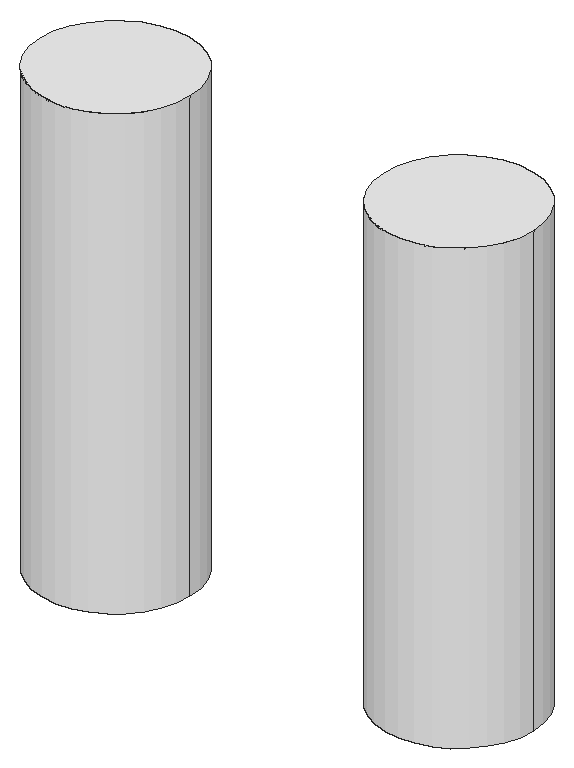
Revit family "52562263(2022)", category Plumbing Fixtures, Revit 2020
Family settings
  Round Connector Dimension = Use Diameter
  Part Type = Normal
  OmniClass Number = 23.45.55.00
  OmniClass Title = Sanitary Faucets, Wastes
  Work Plane-Based = No
  Always vertical = Yes
  Cut with Voids When Loaded = No
  Shared = No
  Room Calculation Point = No
Parameters (values of type "52562263 Washbasin faucet ")
  Working Pressure = "50 - 1000 kPa"
  WarrantyStartDate [instance] = "n/a"
  WarrantyGuarantorParts = "n/a"
  WarrantyGuarantorLabor = "n/a"
  WarrantyDurationUnit = "Year"
  WarrantyDurationParts = "n/a"
  WarrantyDurationLabor = "n/a"
  WarrantyDescription = "http://warranty.hansa.com"
  Warranty Information URL = "http://warranty.hansa.com"
  VersionDate = "01/06/2023"
  Version = "1"
  ValvePattern = "n/a"
  ValveOperation = "n/a"
  ValveMechanism = "n/a"
  Uniclass2015Reference = "Pr_40_20_87_96"
  Uniclass2015Description = "Washbasin manual water supply sets"
  Uniclass2 = "Pr_40_30_96_96"
  URL UWL = "http://static.hansa.com/UWL/52562263"
  URL REACH = "http://static.hansa.com/doc/reach"
  URL Materials Declaration = "http://www.hansa.com/fileadmin/resources/166749_52562263_materialsdeclaration.pdf"
  URL Environmental Product Declaration EPD = "http://www.hansa.com/fileadmin/resources/184523_EPD_Washbasin faucet.pdf"
  URL EcoLabel Declaration = "http://static.hansa.com/doc/EcoLabel"
  URL EU Packaging Declaration = "http://static.hansa.com/doc/packaging"
  URL Declaration of SCIP = "http://static.hansa.com/doc/SCIP"
  URL Declaration of Conformity = "http://static.hansa.com/DoC/52562263"
  URL Declaration of Asbestos = "http://static.hansa.com/doc/asbestos"
  URL Declaration Of Performance (DOP) = "http://static.hansa.com/doc/DoP"
  URL = ""
  UNSPSC Class Number = "30181700 Faucets or taps"
  Type Comments = ""
  TestPressure = "n/a"
  Temperature Adjustments = "Limitation option for maximum temperature and flow-rate "
  Technical DataSheet URL = "http://www.hansa.com/datasheet/52562263/en"
  TagNumber [instance] = "n/a"
  SustainabilityPerformance = "n/a"
  Surface treatment = "Chrome"
  Spout Type = "Fixed spout"
  Spout Projection = "114 mm"
  Spare-Part Information URL = "http://static.hansa.com/sp/52562263"
  Size = "50x170x200 mm"
  Shape = "Sculptured"
  SerialNumber [instance] = "n/a"
  Sales Package dimensions (LxWxH) = "380 x 180 x 74"
  Revision = "n/a"
  ReplacementCost = "n/a"
  ProductInformation = "n/a"
  Product URL = "http://static.hansa.com/52562263"
  Product Image URL = "http://static.hansa.com/image/52562263"
  Product Family = "HANSAVANTIS XL"
  Product Code = "52562263"
  OperatingMechanismMaterial = "n/a"
  NominalWidth = 46.499 mm
  NominalHeight = 188.5 mm
  NominalDepth = 165.09 mm
  Name_en = "52562263 Washbasin faucet"
  Name = "52562263 Washbasin faucet"
  NBSReference = "45-35-70/371"
  NBSDescription = "Water supply fittings for wash basins and troughs"
  Mounting Holes = "1 hole"
  ModelReference = "52562263"
  ModelNumber = "n/a"
  Model = "52562263 Washbasin faucet"
  Mobile Product Information URL = "http://mpi.hansa.com/52562263"
  Mechanical Parts = "30Cartridge"
  Max. Hot Water Supply = 70 °C
  Material = "Brass"
  Market = "International;Germany;Austria;Belgium;Netherlands;Czech Republic;Slovakia;Italy"
  ManufacturerURL = "http://www.hansa.com"
  ManufacturerName = "HANSA"
  Manufacturer = "HANSA"
  Lever Handle = "Single operating lever/handle;Hot/Cold symbols"
  Keynote = ""
  Interactive AR View URL = "https://static.hansa.com/AR/52562263"
  InstallationDate [instance] = "n/a"
  Installation and Maintenance Guide URL = "http://static.hansa.com/manual/52562263"
  Installation Type = "Deck mounted"
  InletConnectionSize = 10 mm
  IfcExportType = "FAUCET"  # constant formula
  IfcExportAs = "IfcValveType"  # constant formula
  Group = "Washbasin faucet"
  Grade = "n/a"
  FlowCoefficient = 0
  Flow Rate At 300kPa With Flow Controller = 0.01 L/s
  Flow Drawing URL = "http://static.hansa.com/flowchart/52562263"
  Finish = "Polished"
  Features = "Single-lever"
  FaucetMainMaterial = Brass
  FDV Document URL = "http://www.hansa.com/datasheet/52562263/en/fdv"
  Extensions = "Pop-up waste with draw-rod"
  ExpectedLife = "n/a"
  ETIM Class Number = "EC011328 Washbasin mixing tap"
  EN Standard = "EN 817"
  EAN Number = "4057304017148"
  DurationUnit = "Year"
  Dimension Drawing URL = "http://static.hansa.com/dimdrw/52562263"
  Description = ""
  DefaultElevation [instance] = 900 mm
  Default Elevation = 0 mm
  Constituents = "n/a"
  Connection Size = "G3/8"
  Connection = "Flexible inlet pipes"
  Color = "Chrome"
  CodePerformance = "n/a"
  CloseOffRating = 0
  Category = "Washbasin"
  Catalog Drawing URL = "http://static.hansa.com/catdrw/52562263"
  CO2 Emissions (D) = -6.56
  CO2 Emissions (C4) = 0.07
  CO2 Emissions (C3) = 0.02
  CO2 Emissions (C2) = 0.02
  CO2 Emissions (B7) = 1854
  CO2 Emissions (A4) = 0.26
  CO2 Emissions (A1-A3) = 9.22
  Brand = "HANSA"
  BodyMaterial = "Brass"
  Barcode [instance] = "n/a"
  Backflow Prevention EN1717 = "AA"
  BIMObjectName = "52562263(2022)"
  Author = "BIMStone"
  AssetType = "Fixed"
  AssetIdentifier [instance] = "n/a"
  Aerator = "PCA® - constant flow rate regardless of pressure variations"
  Advanced Features = "Inner body made of DZR brass;3S-installation system for safe and simple mounting"
  AccessibilityPerformance = "n/a"
  3D View = "https://static.hansa.com/AR/52562263"
  2D/3D/BIM Files URL = "http://static.hansa.com/bim/52562263"
Reference planes
  plane 1 "Center (Front/Back)": y = 0
  plane 2: z = 0
  plane 3 "Center (Left/Right)": x = 0
  plane 4: x = -23.249
  plane 5: z = 900
  plane 6: z = 870
  plane 7: y = -165.09
  plane 8: x = 23.249
  plane 9: z = 1088.5
Forms (mm)
  Extrusion 1, solid, material "Brass" <- "FaucetMainMaterial"
    sketch origin (0, -17.5, 0) x (1, 0, 0) y (0, 1, 0)
      loop
        circle (-11.5, -22.5) r 5
      loop
        circle (11.5, -22.5) r 5
    from 870 to 900
Dimensions and locks
  "DefaultElevation": plane 5 to level
  locked: plane 5 to plane 6 at 30
  "NominalDepth": plane 7 to plane 1 "Center (Front/Back)"
  equal spacing: plane 4, plane 3 "Center (Left/Right)", plane 8
  "NominalHeight": plane 9 to plane 5
  "NominalWidth": plane 4 to plane 8
  "InletConnectionSize": diameter of Extrusion 1 sketch curve  (x2)
  aligned and locked: level to plane 2
  aligned and locked: plane 5 to Extrusion 1
  aligned and locked: Extrusion 1 to plane 6
  aligned and locked: plane 1 "Center (Front/Back)" to nested 2
  aligned and locked: plane 3 "Center (Left/Right)" to nested 2
  aligned and locked: plane 3 "Center (Left/Right)" to nested 1
  aligned and locked: plane 1 "Center (Front/Back)" to nested 1
  aligned and locked: plane 7 to nested 2
Automatic sketch dimensions
  Extrusion 1 sketch curve to plane 3 "Center (Left/Right)" = 11.5 mm
  plane 3 "Center (Left/Right)" to Extrusion 1 sketch curve = 11.5 mm
  plane 1 "Center (Front/Back)" to Extrusion 1 sketch curve = 40 mm  (x2)
Nested families
  nested 1: "Symbol" at (0, 0, 0), type "Symbol", detail levels coarse
  nested 2: "52562263(2022).p" at (0, 0.001, 900), main material <- "FaucetMainMaterial", type "52562263(2022).p"
    with main material Brass
Connectors
  piping at (-11.5, -40, 870), diameter 10, driven by "InletConnectionSize"
    settings: on Extrusion 1, index 1, connector inside diameter 609.6 mm, connector length 0 mm, flow factor 0, pipe flow 0.2 L/s, pressure drop 0.0 Pa, fitting loss kfactor 0, connector angle 0.00°, fixture units 0, engagement length 0 mm, angle of deflection 0.00°, flow configuration 1, flow direction 1, fitting loss method 0, system type 19, joint type 0, gender type 0, connector reference index -1, connector utility 0, adjustable connector no, is connector primary yes, connector description ""
  piping at (11.5, -40, 870), diameter 10, driven by "InletConnectionSize"
    settings: on Extrusion 1, index 2, connector inside diameter 609.6 mm, connector length 0 mm, flow factor 0, pipe flow 0.2 L/s, pressure drop 0.0 Pa, fitting loss kfactor 0, connector angle 0.00°, fixture units 0, engagement length 0 mm, angle of deflection 0.00°, flow configuration 1, flow direction 1, fitting loss method 0, system type 20, joint type 0, gender type 0, connector reference index -1, connector utility 0, adjustable connector no, is connector primary no, connector description ""
Definition of nested family "Symbol"
  Reference planes
    plane 1: y = 0
    plane 2: x = 0
  Lines and regions (mm)
    detail lines
      curve 1: line (0, 0, 0) -> (0, -1.8, 0)
      curve 2: line (-0.4, -1.1, 0) -> (0.4, -1.1, 0)
      curve 3: line (-0.4, -1.4, 0) -> (0.4, -1.4, 0)
      curve 4: line (0.863, 0, 0) -> (-0.863, 0, 0)
      curve 5: circle (-1.163, 0, 0) r 0.3 normal (0, 0, -1)
      curve 6: circle (1.163, 0, 0) r 0.3 normal (0, 0, 1)
Definition of nested family "52562263(2022).p"
  Parameters (values of type "52562263(2022).p")
    main material [instance] = none
    Default Elevation = 0 mm
  Reference planes
    plane 1 "Center (Front/Back)": y = 0
    plane 2: z = 0
    plane 3 "Center (Left/Right)": x = 0
    plane 4: z = 186
    plane 5: y = -165.09
    plane 6: x = -23.249
    plane 7: x = 23.249
  Forms (mm)
    Revolve 1, solid, material <- "main material", detail levels medium
      sketch origin (0.009, -0.001, 0) x (0, 1, 0) y (0, 0, 1)
        loop
          line (-16.75, 0) -> (-16.75, 186) -> (-40, 186) -> (-40, 0) -> (-16.75, 0)
        axis (-40, 0) -> (-40, 186)
      angle from 0 to 360
    Extrusion 2, solid, material <- "main material", detail levels medium
      sketch origin (0.009, -0.001, 0) x (0, 1, 0) y (0, 0, 1)
        loop
          line (0, 57.272) -> (-15.312, 57.272) -> (-17.343, 50.192) -> (-17.343, 27.748) -> (-10.614, 51.213) -> (0, 51.213) -> (0, 57.272)
      from -3.093 to 3.075
    Extrusion 3, solid, material <- "main material", detail levels medium
      sketch origin (0.009, -0.001, 0) x (0, 1, 0) y (0, 0, 1)
        loop
          line (-48.033, 186) -> (-127.502, 186) -> (-127.502, 178.5) -> (-48.033, 178.5) -> (-48.033, 186)
      from -13.006 to 12.988
    Revolve 4, solid, material <- "main material", detail levels medium
      sketch origin (0.009, -0.001, 0) x (0, 1, 0) y (0, 0, 1)
        loop
          line (-165.09, 94.201) -> (-48.813, 127.543) -> (-48.813, 145.614) -> (-165.09, 112.272) -> (-165.09, 94.201)
        axis (-44.025, 128.916) -> (-165.09, 94.201)
      angle from 0 to 360
    Extrusion 5, solid, material <- "main material", detail levels coarse
      sketch origin (0, 0, 0) x (0, 1, 0) y (0, 0, 1)
        loop
          line (-165.09, 186) -> (-165.09, 0) -> (0, 0) -> (0, 186) -> (-165.09, 186)
      from -23.249 to 23.249
  Lines and regions (mm)
    symbolic lines, detail levels medium+fine
      curve 1: line (0, -0.001, 0) -> (-2.478, -0.001, 0)
      curve 2: arc (-2.478, -0.001, 0) -> (-2.843, -0.152, 0) -> (-2.994, -0.516, 0) r 0.516
      curve 3: line (-2.994, -0.516, 0) -> (-2.994, -16.908, 0)
      curve 5: arc (0, -165.09, 0) -> (-10.885, -160.621, 0) -> (-15.47, -149.784, 0) r 15.456
      curve 6: arc (-2.994, -16.908, 0) -> (-21.319, -30.687, 0) -> (-18.911, -53.488, 0) r 23.249
      curve 7: line (0, -0.001, 0) -> (2.478, -0.001, 0)
      curve 8: arc (2.478, -0.001, 0) -> (2.843, -0.152, 0) -> (2.994, -0.516, 0) r 0.516
      curve 9: line (2.994, -0.516, 0) -> (2.994, -16.908, 0)
      curve 11: line (15.47, -149.784, 0) -> (16.137, -81.379, 0)
      curve 12: arc (0, -165.09, 0) -> (10.885, -160.621, 0) -> (15.47, -149.784, 0) r 15.456
      curve 13: arc (2.994, -16.908, 0) -> (21.319, -30.687, 0) -> (18.911, -53.488, 0) r 23.249
      curve 14: line (-15.47, -149.784, 0) -> (-16.137, -81.379, 0)
      curve 15: line (-16.137, -81.379, 0) -> (-18.911, -53.488, 0)
      curve 16: line (16.137, -81.379, 0) -> (18.911, -53.488, 0)
      curve 23: line (0, 0, 0) -> (-23.249, 0, 0)
      curve 24: line (-23.249, 0, 0) -> (-23.249, 0, 148.48)
      curve 25: arc (-23.249, 0, 148.48) -> (-23.104, 0, 148.841) -> (-22.749, 0, 149) r 0.521
      curve 26: line (-22.749, 0, 149) -> (-21.762, 0, 149)
      curve 28: line (-21.57, 0, 150.998) -> (-22.008, 0, 149.241)
      curve 29: arc (-22.008, 0, 149.241) -> (-21.954, 0, 149.05) -> (-21.762, 0, 149) r 0.2
      curve 31: line (-21.57, 0, 150.998) -> (-22.795, 0, 150.998)
      curve 32: arc (-22.795, 0, 150.998) -> (-23.118, 0, 151.133) -> (-23.249, 0, 151.458) r 0.455
      curve 33: line (-23.249, 0, 151.458) -> (-19.922, 0, 184.946)
      curve 48: line (0, 0, 0) -> (23.249, 0, 0)
      curve 49: line (23.249, 0, 0) -> (23.249, 0, 148.48)
      curve 50: arc (23.249, 0, 148.48) -> (23.104, 0, 148.841) -> (22.749, 0, 149) r 0.521
      curve 51: line (22.749, 0, 149) -> (21.762, 0, 149)
      curve 53: line (21.57, 0, 150.998) -> (22.008, 0, 149.241)
      curve 55: line (21.57, 0, 150.998) -> (22.795, 0, 150.998)
      curve 70: arc (22.795, 0, 150.998) -> (23.116, 0, 151.134) -> (23.249, 0, 151.457) r 0.459
      curve 71: arc (22.008, 0, 149.241) -> (21.954, 0, 149.05) -> (21.762, 0, 149) r 0.2
      curve 73: arc (-19.922, 0, 184.946) -> (-19.613, 0, 185.691) -> (-18.868, 0, 186) r 1.054
      curve 74: line (-18.868, 0, 186) -> (0, 0, 186)
      curve 83: line (23.249, 0, 151.457) -> (19.922, 0, 184.946)
      curve 84: arc (19.922, 0, 184.946) -> (19.613, 0, 185.691) -> (18.868, 0, 186) r 1.054
      curve 85: line (18.868, 0, 186) -> (0, 0, 186)
      curve 94: line (0, -0.001, 56.997) -> (0, -0.001, 51.997)
      curve 95: arc (0, -0.001, 51.997) -> (0, -0.136, 51.611) -> (0, -0.482, 51.393) r 0.619
      curve 96: line (0, -0.482, 51.393) -> (0, -10.693, 51.393)
      curve 97: line (0, -10.693, 51.393) -> (0, -16.751, 28.787)
      curve 98: line (0, -16.751, 0) -> (0, -16.751, 28.787)
      curve 99: line (0, -16.751, 0) -> (0, -63.251, 0)
      curve 100: line (0, -63.251, 0) -> (0, -63.251, 90.915)
      curve 101: arc (0, -63.251, 90.915) -> (0, -63.563, 94.395) -> (0, -64.491, 97.764) r 19.53
      curve 102: arc (0, -64.491, 97.764) -> (0, -67.535, 101.778) -> (0, -72.282, 103.464) r 8.795
      curve 103: arc (0, -72.282, 103.464) -> (0, -75.502, 103.361) -> (0, -78.661, 102.732) r 19.55
      curve 104: line (0, -78.661, 102.732) -> (0, -134.849, 89.229)
      curve 105: arc (0, -134.849, 89.229) -> (0, -135.8, 89.043) -> (0, -136.764, 88.938) r 11.377
      curve 106: arc (0, -136.764, 88.938) -> (0, -137.971, 89.088) -> (0, -139.037, 89.673) r 3.236
      curve 107: line (0, -139.037, 89.673) -> (0, -141.176, 91.442)
      curve 109: line (0, -159.635, 106.974) -> (0, -164.579, 111.122)
      curve 110: arc (0, -164.579, 111.122) -> (0, -165.073, 112.442) -> (0, -164.197, 113.547) r 1.432
      curve 111: line (0, -164.197, 113.547) -> (0, -74.062, 137.25)
      curve 112: arc (0, -74.062, 137.25) -> (0, -71.402, 138.021) -> (0, -68.784, 138.923) r 55.545
      curve 113: arc (0, -68.784, 138.923) -> (0, -66.738, 140.155) -> (0, -65.275, 142.043) r 6.496
      curve 114: arc (0, -65.275, 142.043) -> (0, -64.025, 145.164) -> (0, -63.377, 148.464) r 18.005
      curve 115: arc (0, -63.377, 148.464) -> (0, -63.203, 148.829) -> (0, -62.836, 149) r 0.599
      curve 116: line (0, -62.836, 149) -> (0, -61.854, 149)
      curve 117: arc (0, -17.249, 149) -> (0, -16.897, 148.854) -> (0, -16.751, 148.501) r 0.499
      curve 118: line (0, -16.751, 148.501) -> (0, -16.751, 51.91)
      curve 119: arc (0, -0.541, 57.433) -> (0, -0.167, 57.344) -> (0, -0.001, 56.997) r 0.446
      curve 120: line (0, -0.541, 57.433) -> (0, -15.271, 57.433)
      curve 121: line (0, -15.271, 57.433) -> (0, -16.751, 51.91)
      curve 122: line (0, -142.135, 89.999) -> (0, -141.176, 91.442)
      curve 123: line (0, -142.135, 89.999) -> (0, -142.968, 90.553)
      curve 124: line (0, -142.968, 90.553) -> (0, -145.102, 87.342)
      curve 125: line (0, -145.102, 87.342) -> (0, -163.447, 99.533)
      curve 126: line (0, -163.447, 99.533) -> (0, -161.225, 102.876)
      curve 127: line (0, -161.225, 102.876) -> (0, -162.032, 103.42)
      curve 128: line (0, -162.032, 103.42) -> (0, -159.635, 106.974)
      curve 129: arc (0, -17.988, 149.268) -> (0, -19.251, 153.278) -> (0, -21.128, 157.04) r 26.694
      curve 130: arc (0, -18.157, 149) -> (0, -18.017, 149.098) -> (0, -17.988, 149.268) r 0.223
      curve 131: arc (0, -61.565, 151.011) -> (0, -61.796, 150.134) -> (0, -61.972, 149.244) r 14.476
      curve 132: arc (0, -61.972, 149.244) -> (0, -61.952, 149.103) -> (0, -61.854, 149) r 0.235
      curve 136: line (0, -21.128, 157.04) -> (0, -16.956, 158.396)
      curve 137: arc (0, -16.956, 158.396) -> (0, -16.762, 158.537) -> (0, -16.688, 158.765) r 0.387
      curve 138: line (0, -16.688, 158.765) -> (0, -16.688, 184.399)
      curve 139: arc (0, -16.688, 184.399) -> (0, -17.07, 185.445) -> (0, -18.036, 186) r 1.625
      curve 140: line (0, -18.036, 186) -> (0, -58.353, 186)
      curve 141: arc (0, -125.558, 186) -> (0, -126.952, 185.411) -> (0, -127.502, 184.002) r 1.945
      curve 142: line (0, -127.502, 184.002) -> (0, -127.502, 180.002)
      curve 143: arc (0, -127.502, 180.002) -> (0, -126.916, 178.586) -> (0, -125.499, 177.999) r 2.003
      curve 144: line (0, -125.499, 177.999) -> (0, -69.049, 177.999)
      curve 145: arc (0, -69.049, 177.999) -> (0, -67.677, 177.959) -> (0, -66.309, 177.837) r 23.276
      curve 146: arc (0, -66.309, 177.837) -> (0, -65.172, 177.489) -> (0, -64.228, 176.765) r 3.341
      curve 147: arc (0, -64.228, 176.765) -> (0, -63.584, 175.727) -> (0, -63.349, 174.529) r 3.389
      curve 148: line (0, -63.349, 174.529) -> (0, -63.349, 171.063)
      curve 149: line (0, -61.565, 151.011) -> (0, -63.129, 151.011)
      curve 150: arc (0, -63.349, 151.398) -> (0, -63.29, 151.175) -> (0, -63.129, 151.011) r 0.451
      curve 155: line (0, -63.349, 171.063) -> (0, -63.349, 151.398)
      curve 156: line (0, -58.353, 186) -> (0, -125.558, 186)
      curve 157: line (0, -18.157, 149) -> (0, -17.249, 149)
    symbolic lines, detail levels fine
      curve 4: arc (0, -16.714, 0) -> (-1.5, -16.763, 0) -> (-2.994, -16.908, 0) r 23.249
      curve 10: arc (0, -16.714, 0) -> (1.5, -16.763, 0) -> (2.994, -16.908, 0) r 23.249
      curve 17: line (-18.911, -53.488, 0) -> (-20.293, -40.337, 0)
      curve 18: line (18.911, -53.488, 0) -> (20.293, -40.337, 0)
      curve 19: arc (-20.293, -40.337, 0) -> (0, -17.799, 0) -> (20.293, -40.337, 0) r 20.405
      curve 20: line (-16.137, -81.379, 0) -> (-12.371, -117.21, 0)
      curve 21: line (16.137, -81.379, 0) -> (12.371, -117.21, 0)
      curve 22: arc (12.371, -117.21, 0) -> (0, -128.349, 0) -> (-12.371, -117.21, 0) r 12.439
      curve 27: line (-21.762, 0, 149) -> (-18.967, 0, 149)
      curve 30: line (-21.57, 0, 150.998) -> (0, 0, 150.998)
      curve 34: line (-16.304, 0, 122.674) -> (-15.428, 0, 101.82)
      curve 35: arc (-15.428, 0, 101.82) -> (-14.457, 0, 97.447) -> (-12.032, 0, 93.68) r 12.744
      curve 36: line (-12.032, 0, 93.68) -> (-12.032, 0, 98.11)
      curve 37: arc (-12.032, 0, 98.11) -> (-8.551, 0, 106.886) -> (0, 0, 110.891) r 12.805
      curve 38: arc (-11.384, 0, 91.621) -> (-11.866, 0, 92.601) -> (-12.032, 0, 93.68) r 3.601
      curve 39: arc (-8.583, 0, 89.201) -> (-10.136, 0, 90.235) -> (-11.384, 0, 91.621) r 7.496
      curve 40: arc (0, 0, 87.397) -> (-4.408, 0, 87.748) -> (-8.583, 0, 89.201) r 17.336
      curve 41: arc (-12.032, 0, 93.68) -> (-11.658, 0, 95.573) -> (-10.593, 0, 97.181) r 4.98
      curve 42: arc (-10.593, 0, 97.181) -> (-7.933, 0, 99.128) -> (-4.795, 0, 100.143) r 10.38
      curve 43: line (-4.795, 0, 100.143) -> (-4.795, 0, 102.861)
      curve 44: arc (-4.795, 0, 102.861) -> (-2.414, 0, 103.283) -> (0, 0, 103.425) r 20.668
      curve 45: arc (-4.795, 0, 100.143) -> (-2.41, 0, 99.775) -> (0, 0, 99.653) r 23.665
      curve 46: arc (-14.457, 0, 97.447) -> (-20.597, 0, 122.883) -> (-18.967, 0, 149) r 87.789
      curve 47: line (-18.967, 0, 149) -> (0, 0, 149)
      curve 52: line (21.762, 0, 149) -> (18.967, 0, 149)
      curve 54: line (21.57, 0, 150.998) -> (0, 0, 150.998)
      curve 56: line (16.304, 0, 122.674) -> (15.428, 0, 101.82)
      curve 57: arc (15.428, 0, 101.82) -> (14.457, 0, 97.447) -> (12.032, 0, 93.68) r 12.744
      curve 58: line (12.032, 0, 93.68) -> (12.032, 0, 98.11)
      curve 59: arc (12.032, 0, 98.11) -> (8.551, 0, 106.886) -> (0, 0, 110.891) r 12.805
      curve 60: arc (11.385, 0, 91.621) -> (11.866, 0, 92.601) -> (12.032, 0, 93.68) r 3.601
      curve 61: arc (8.583, 0, 89.201) -> (10.136, 0, 90.235) -> (11.385, 0, 91.621) r 7.496
      curve 62: arc (0, 0, 87.397) -> (4.408, 0, 87.748) -> (8.583, 0, 89.201) r 17.336
      curve 63: arc (12.032, 0, 93.68) -> (11.658, 0, 95.573) -> (10.593, 0, 97.181) r 4.98
      curve 64: arc (10.593, 0, 97.181) -> (7.933, 0, 99.128) -> (4.795, 0, 100.143) r 10.38
      curve 65: line (4.795, 0, 100.143) -> (4.795, 0, 102.861)
      curve 66: arc (4.795, 0, 102.861) -> (2.414, 0, 103.283) -> (0, 0, 103.425) r 20.668
      curve 67: arc (4.795, 0, 100.143) -> (2.41, 0, 99.775) -> (0, 0, 99.653) r 23.665
      curve 68: arc (14.457, 0, 97.447) -> (20.597, 0, 122.883) -> (18.967, 0, 149) r 87.789
      curve 69: line (18.967, 0, 149) -> (0, 0, 149)
      curve 72: arc (-16.304, 0, 122.674) -> (0, 0, 138.978) -> (16.304, 0, 122.674) r 16.304
      curve 75: line (0, 0, 179.8) -> (-8.173, 0, 179.8)
      curve 76: arc (-8.173, 0, 179.8) -> (-10.4, 0, 180.472) -> (-11.885, 0, 182.263) r 4.029
      curve 77: arc (-11.885, 0, 182.263) -> (-12.247, 0, 183.58) -> (-12.256, 0, 184.946) r 5.234
      curve 78: arc (-12.256, 0, 184.946) -> (-11.967, 0, 185.605) -> (-11.365, 0, 186) r 1.264
      curve 79: line (-8.173, 0, 179.8) -> (-13.173, 0, 179.8)
      curve 80: arc (-13.173, 0, 179.8) -> (-14.761, 0, 180.279) -> (-15.819, 0, 181.557) r 2.871
      curve 81: arc (-15.819, 0, 181.557) -> (-16.181, 0, 182.644) -> (-16.374, 0, 183.772) r 7.497
      curve 82: arc (-16.374, 0, 183.772) -> (-16.412, 0, 184.888) -> (-16.319, 0, 186) r 9.512
      curve 86: line (0, 0, 179.8) -> (8.173, 0, 179.8)
      curve 87: arc (8.173, 0, 179.8) -> (10.4, 0, 180.472) -> (11.885, 0, 182.263) r 4.029
      curve 88: arc (11.885, 0, 182.263) -> (12.247, 0, 183.58) -> (12.256, 0, 184.946) r 5.234
      curve 89: arc (12.256, 0, 184.946) -> (11.967, 0, 185.605) -> (11.365, 0, 186) r 1.264
      curve 90: line (8.173, 0, 179.8) -> (13.173, 0, 179.8)
      curve 91: arc (13.173, 0, 179.8) -> (14.761, 0, 180.279) -> (15.819, 0, 181.557) r 2.871
      curve 92: arc (15.819, 0, 181.557) -> (16.181, 0, 182.644) -> (16.374, 0, 183.772) r 7.497
      curve 93: arc (16.374, 0, 183.772) -> (16.412, 0, 184.888) -> (16.319, 0, 186) r 9.512
      curve 108: line (0, -141.158, 91.47) -> (0, -159.635, 106.974)
      curve 133: line (0, -61.565, 151.011) -> (0, -41.565, 151.011)
      curve 134: arc (0, -41.565, 151.011) -> (0, -39.973, 151.118) -> (0, -38.409, 151.436) r 11.906
      curve 135: line (0, -38.409, 151.436) -> (0, -21.128, 157.04)
      curve 151: arc (0, -58.353, 186) -> (0, -59.807, 178.182) -> (0, -63.349, 171.063) r 28.719
      curve 152: arc (0, -63.251, 90.915) -> (0, -50.954, 118.692) -> (0, -53.009, 149) r 63.323
      curve 153: line (0, -16.751, 51.91) -> (0, -16.751, 28.787)
      curve 154: line (0, -53.009, 149) -> (0, -18.157, 149)
      curve 158: line (0, -61.854, 149) -> (0, -53.009, 149)
  Dimensions and locks
    equal spacing: Extrusion 3, plane 3 "Center (Left/Right)", Extrusion 3
    aligned and locked: level to plane 2
  Automatic sketch dimensions
    Revolve 1 sketch curve to level = 0 mm
    plane 1 "Center (Front/Back)" to Revolve 1 sketch curve = 40.001 mm
    plane 1 "Center (Front/Back)" to Revolve 1 sketch curve = 16.751 mm
    plane 4 to Revolve 1 sketch curve = 0 mm
    Revolve 1 sketch curve to Revolve 1 sketch curve = 0 mm
    Revolve 1 sketch curve to Revolve 1 sketch curve = 2.5 mm
    Revolve 1 sketch curve to Revolve 1 sketch curve = 37.5 mm
    plane 1 "Center (Front/Back)" to Extrusion 2 sketch curve = 17.343 mm
    Extrusion 2 sketch curve to Extrusion 2 sketch curve = 2.03 mm
    Extrusion 2 sketch curve to Extrusion 2 sketch curve = 6.729 mm
    plane 1 "Center (Front/Back)" to Extrusion 2 sketch curve = 0.001 mm
    level to Extrusion 2 sketch curve = 27.748 mm
    Extrusion 2 sketch curve to Extrusion 2 sketch curve = 22.444 mm
    Extrusion 2 sketch curve to Extrusion 2 sketch curve = 1.021 mm
    Extrusion 2 sketch curve to Extrusion 2 sketch curve = 7.08 mm
    plane 4 to Extrusion 3 sketch curve = 0 mm
    plane 5 to Extrusion 3 sketch curve = 37.588 mm
    Extrusion 3 sketch curve to plane 4 = 7.5 mm
    plane 1 "Center (Front/Back)" to Extrusion 3 sketch curve = 48.033 mm
    Revolve 4 sketch curve to plane 5 = 0 mm  (x2)
    plane 1 "Center (Front/Back)" to Revolve 4 sketch curve = 48.813 mm
    Revolve 4 sketch curve to plane 4 = 91.799 mm
    Revolve 4 sketch curve to Revolve 4 sketch curve = 18.071 mm  (x2)
    Revolve 4 sketch curve to plane 4 = 58.457 mm
    Revolve 4 sketch curve to plane 5 = 19.225 mm
    Revolve 4 sketch curve to Revolve 4 sketch curve = 0 mm
    Revolve 4 sketch curve to Revolve 4 sketch curve = 5.513 mm
    curve 73 to plane 4 = 0 mm
    curve 75 to plane 3 "Center (Left/Right)" = 0 mm
    curve 74 to plane 3 "Center (Left/Right)" = 0 mm
    curve 82 to plane 4 = 1.348 mm
    curve 82 to plane 3 "Center (Left/Right)" = 6.902 mm
    curve 77 to curve 82 = 0.16 mm
    curve 79 to curve 77 = 1.11 mm
    curve 81 to curve 76 = 0.737 mm
    curve 78 to curve 81 = 2.092 mm
    curve 79 to curve 76 = 5 mm
    curve 73 to plane 4 = 1.054 mm
    curve 73 to plane 6 = 4.381 mm
    curve 93 to plane 4 = 1.348 mm
    plane 3 "Center (Left/Right)" to curve 93 = 6.902 mm
    curve 93 to curve 88 = 0.16 mm
    curve 88 to curve 90 = 1.11 mm
    curve 87 to curve 92 = 0.737 mm
    curve 92 to curve 89 = 2.092 mm
    curve 89 to curve 91 = 2.171 mm
    curve 84 to plane 4 = 1.054 mm
    curve 84 to plane 7 = 4.381 mm
    curve 92 to plane 4 = 1.535 mm
    curve 81 to plane 4 = 1.535 mm
    curve 77 to curve 82 = 0.354 mm
    curve 88 to curve 93 = 0.354 mm
    curve 87 to curve 92 = 0.637 mm
    curve 76 to curve 81 = 0.637 mm
    curve 91 to plane 4 = 3.329 mm
    curve 80 to plane 4 = 3.329 mm
    curve 79 to curve 76 = 4.029 mm
    curve 78 to plane 4 = 1.21 mm
    curve 89 to plane 4 = 1.21 mm
    curve 78 to curve 78 = 0.363 mm
    curve 77 to curve 76 = 0 mm
    curve 81 to curve 80 = 0 mm
    curve 81 to curve 82 = 0.055 mm
    curve 89 to curve 89 = 0.363 mm
    curve 88 to curve 87 = 0 mm
    curve 92 to curve 91 = 0 mm
    curve 93 to curve 92 = 0.055 mm
    curve 4 to curve 6 = 0 mm  (x2)
    curve 4 to curve 10 = 0 mm  (x2)
    curve 4 to curve 13 = 0 mm  (x2)
    curve 6 to curve 10 = 0 mm  (x2)
    curve 6 to curve 13 = 0 mm  (x2)
    curve 10 to curve 13 = 0 mm  (x2)
    curve 5 to plane 3 "Center (Left/Right)" = 0 mm
    curve 10 to plane 3 "Center (Left/Right)" = 0 mm
    curve 22 to plane 3 "Center (Left/Right)" = 0 mm
    curve 1 to plane 3 "Center (Left/Right)" = 0 mm
    curve 19 to plane 3 "Center (Left/Right)" = 0 mm
    curve 5 to plane 3 "Center (Left/Right)" = 0.014 mm
    plane 1 "Center (Front/Back)" to curve 2 = 0.516 mm
    curve 2 to plane 3 "Center (Left/Right)" = 2.478 mm
    curve 3 to curve 2 = 0.516 mm
    curve 20 to plane 6 = 10.879 mm
    curve 14 to plane 6 = 7.779 mm
    curve 15 to plane 6 = 7.113 mm
    curve 15 to plane 6 = 4.338 mm
    curve 17 to plane 6 = 2.956 mm
    plane 3 "Center (Left/Right)" to curve 12 = 0.014 mm
    plane 1 "Center (Front/Back)" to curve 8 = 0.516 mm
    plane 3 "Center (Left/Right)" to curve 8 = 2.478 mm
    curve 21 to plane 7 = 10.879 mm
    curve 11 to plane 7 = 7.779 mm
    curve 16 to plane 7 = 7.113 mm
    curve 16 to plane 7 = 4.338 mm
    curve 18 to plane 7 = 2.956 mm
    curve 3 to curve 2 = 16.391 mm
    curve 19 to curve 6 = 21.296 mm
    curve 4 to curve 19 = 1.759 mm
    curve 16 to curve 18 = 13.151 mm
    curve 15 to curve 6 = 27.892 mm
    curve 11 to curve 13 = 27.892 mm
    curve 22 to curve 11 = 34.53 mm
    curve 20 to curve 22 = 1.3 mm
    plane 5 to curve 5 = 15.456 mm
    curve 5 to curve 12 = 0 mm
    plane 5 to curve 11 = 15.306 mm
    plane 6 to curve 68 = 43.608 mm
    curve 24 to plane 6 = 0 mm
    curve 33 to plane 6 = 0 mm
    curve 32 to plane 6 = 0.455 mm
    curve 26 to plane 6 = 0.5 mm
    curve 25 to curve 25 = 0.521 mm
    curve 25 to curve 28 = 0.741 mm
    curve 28 to curve 29 = 0.194 mm
    curve 29 to curve 26 = 0.052 mm
    curve 31 to curve 31 = 1.225 mm
    curve 26 to curve 27 = 2.795 mm
    curve 34 to plane 6 = 6.946 mm
    curve 34 to plane 6 = 7.821 mm
    curve 35 to curve 36 = 3.396 mm
    curve 36 to curve 38 = 3.601 mm
    curve 38 to curve 41 = 1.38 mm
    curve 41 to curve 39 = 1.815 mm
    curve 43 to plane 3 "Center (Left/Right)" = 4.795 mm
    curve 42 to plane 3 "Center (Left/Right)" = 3.211 mm
    curve 43 to curve 35 = 2.1 mm
    curve 40 to plane 3 "Center (Left/Right)" = 0.842 mm
    curve 59 to plane 3 "Center (Left/Right)" = 0.773 mm
    curve 45 to plane 3 "Center (Left/Right)" = 0.004 mm
    curve 66 to plane 3 "Center (Left/Right)" = 0 mm
    plane 3 "Center (Left/Right)" to curve 47 = 0 mm
    plane 3 "Center (Left/Right)" to curve 48 = 0 mm
    plane 3 "Center (Left/Right)" to curve 30 = 0 mm
    plane 3 "Center (Left/Right)" to curve 72 = 0 mm
    plane 3 "Center (Left/Right)" to curve 44 = 0.001 mm
    plane 3 "Center (Left/Right)" to curve 67 = 0.004 mm
    plane 3 "Center (Left/Right)" to curve 37 = 0.773 mm
    plane 3 "Center (Left/Right)" to curve 62 = 0.842 mm
    plane 3 "Center (Left/Right)" to curve 57 = 2.696 mm
    plane 3 "Center (Left/Right)" to curve 64 = 3.211 mm
    curve 57 to curve 65 = 2.1 mm
    curve 64 to curve 61 = 0.441 mm
    curve 61 to curve 63 = 1.815 mm
    curve 63 to curve 60 = 1.38 mm
    curve 60 to curve 58 = 3.601 mm
    curve 59 to curve 56 = 3.396 mm
    curve 52 to plane 7 = 4.283 mm
    curve 55 to plane 7 = 1.68 mm
    curve 52 to plane 7 = 1.487 mm
    curve 51 to curve 71 = 0.052 mm
    curve 71 to curve 53 = 0.194 mm
    curve 50 to plane 7 = 0.52 mm
    curve 51 to plane 7 = 0.5 mm
    curve 70 to plane 7 = 0.459 mm
    curve 55 to plane 7 = 0.455 mm
    plane 7 to curve 49 = 0 mm
    plane 7 to curve 83 = 0 mm
    plane 7 to curve 46 = 43.608 mm
    curve 23 to level = 0 mm
    level to curve 66 = 82.756 mm
    curve 44 to curve 66 = 0 mm
    curve 44 to curve 64 = 7.128 mm
    curve 42 to curve 64 = 0 mm
    curve 42 to curve 41 = 3.796 mm
    curve 64 to curve 60 = 3.796 mm
    curve 41 to curve 39 = 2.228 mm
    curve 63 to curve 61 = 2.228 mm
    curve 41 to curve 36 = 0.928 mm
    curve 63 to curve 58 = 0.928 mm
    curve 39 to curve 43 = 4.234 mm
    curve 61 to curve 65 = 4.234 mm
    curve 59 to curve 56 = 3.71 mm
    curve 36 to curve 34 = 3.71 mm
    curve 35 to curve 43 = 0.506 mm
    curve 57 to curve 65 = 0.506 mm
    curve 44 to curve 62 = 1.289 mm
    curve 66 to curve 40 = 1.289 mm
    curve 59 to curve 72 = 11.784 mm
    curve 72 to curve 45 = 0.643 mm
    curve 67 to curve 45 = 0 mm
    curve 72 to curve 68 = 7.86 mm
    curve 56 to curve 46 = 7.86 mm
    curve 72 to curve 49 = 25.805 mm
    curve 51 to curve 71 = 0.193 mm
    curve 26 to curve 29 = 0.193 mm
    curve 53 to curve 54 = 1.757 mm
    curve 31 to curve 32 = 0.455 mm
    curve 70 to curve 83 = 0.459 mm
    curve 33 to plane 4 = 1.054 mm
    curve 33 to plane 6 = 3.328 mm
    curve 39 to curve 38 = 0 mm
    curve 40 to curve 39 = 0 mm
    plane 3 "Center (Left/Right)" to curve 40 = 0 mm
    curve 61 to curve 62 = 0 mm
    curve 83 to plane 4 = 1.054 mm
    curve 83 to plane 7 = 3.328 mm
    curve 100 to level = 0 mm
    plane 5 to curve 109 = 0.512 mm
    plane 5 to curve 111 = 0.894 mm
    curve 109 to curve 110 = 0.921 mm
    plane 5 to curve 126 = 1.643 mm
    plane 5 to curve 127 = 3.058 mm
    curve 127 to curve 127 = 0.806 mm
    curve 127 to curve 109 = 2.397 mm
    plane 5 to curve 124 = 19.988 mm
    curve 124 to curve 123 = 2.134 mm
    curve 123 to curve 123 = 0.833 mm
    curve 122 to curve 107 = 0.959 mm
    curve 107 to curve 107 = 2.139 mm
    curve 107 to curve 105 = 3.668 mm
    curve 106 to curve 106 = 2.062 mm
    curve 106 to curve 104 = 2.126 mm
    curve 142 to plane 4 = 1.998 mm
    plane 5 to curve 142 = 37.588 mm
    curve 141 to curve 156 = 1.945 mm
    curve 142 to curve 144 = 2.003 mm
    curve 105 to curve 152 = 24.193 mm
    plane 4 to curve 112 = 4.969 mm
    curve 156 to curve 112 = 37.369 mm
    plane 4 to curve 151 = 1.292 mm
    curve 112 to curve 151 = 1.146 mm
    curve 152 to curve 101 = 30.534 mm
    curve 151 to curve 114 = 5.751 mm
    curve 101 to curve 104 = 4.12 mm
    curve 114 to curve 111 = 7.23 mm
    curve 101 to curve 103 = 9.508 mm
    curve 104 to curve 102 = 5.933 mm
    curve 112 to curve 113 = 3.008 mm
    curve 144 to plane 4 = 8.001 mm
    curve 151 to curve 144 = 17.994 mm
    curve 144 to curve 147 = 2.311 mm
    curve 147 to curve 146 = 0.036 mm
    curve 145 to curve 155 = 5.7 mm
    curve 102 to curve 100 = 9.477 mm
    curve 150 to curve 149 = 0.22 mm
    curve 150 to curve 150 = 0.451 mm
    curve 149 to curve 116 = 0.293 mm
    curve 115 to curve 115 = 0.055 mm
    curve 115 to curve 158 = 0.983 mm
    curve 132 to curve 132 = 0.113 mm
    curve 150 to curve 149 = 1.334 mm
    plane 4 to curve 140 = 0 mm
    curve 147 to curve 140 = 4.996 mm
    curve 132 to curve 158 = 8.732 mm
    curve 152 to curve 131 = 5.317 mm
    curve 131 to curve 129 = 3.69 mm
    curve 131 to curve 133 = 6.127 mm
    curve 133 to curve 135 = 3.155 mm
    curve 135 to curve 135 = 17.281 mm
    curve 139 to plane 4 = 1.601 mm
    plane 1 "Center (Front/Back)" to curve 139 = 18.314 mm
    curve 129 to curve 130 = 2.923 mm
    curve 130 to curve 154 = 0.048 mm
    curve 139 to curve 140 = 0.278 mm
    curve 130 to curve 117 = 0.908 mm
    curve 137 to curve 137 = 0.387 mm
    curve 137 to curve 136 = 0.119 mm
    plane 1 "Center (Front/Back)" to curve 97 = 16.751 mm
    curve 118 to curve 121 = 1.48 mm
    curve 118 to curve 96 = 6.057 mm
    plane 1 "Center (Front/Back)" to curve 95 = 0.619 mm
    plane 1 "Center (Front/Back)" to curve 120 = 0.541 mm
    plane 1 "Center (Front/Back)" to curve 96 = 0.482 mm
    curve 119 to curve 119 = 0.095 mm
    plane 1 "Center (Front/Back)" to curve 94 = 0.001 mm
    level to curve 153 = 28.787 mm
    curve 97 to curve 96 = 22.606 mm
    curve 96 to curve 153 = 0.517 mm
    curve 94 to curve 94 = 5 mm
    curve 120 to curve 103 = 26.506 mm
    curve 103 to curve 124 = 3.403 mm
    curve 124 to curve 104 = 1.887 mm
    curve 105 to curve 107 = 0.444 mm
    curve 107 to curve 122 = 0.326 mm
    curve 103 to curve 100 = 6.976 mm
    curve 106 to curve 106 = 2.494 mm
    curve 100 to curve 102 = 3.765 mm
    curve 106 to curve 105 = 8.124 mm
    curve 102 to curve 104 = 8.052 mm
    curve 126 to curve 127 = 0.544 mm
    curve 109 to curve 109 = 4.148 mm
    curve 109 to curve 110 = 1.097 mm
    curve 105 to curve 152 = 29.397 mm
    curve 111 to curve 115 = 11.75 mm
    curve 129 to curve 152 = 5.722 mm
    curve 112 to curve 113 = 7.76 mm
    curve 129 to curve 131 = 3.599 mm
    curve 115 to curve 115 = 0.596 mm
    curve 116 to curve 132 = 0.206 mm
    curve 154 to curve 130 = 0.218 mm
    curve 113 to curve 114 = 5.257 mm
    curve 132 to curve 133 = 1.766 mm
    curve 133 to curve 135 = 0.426 mm
    curve 150 to curve 145 = 3.324 mm
    curve 130 to curve 136 = 7.823 mm
    curve 135 to curve 136 = 1.356 mm
    curve 136 to curve 137 = 0.368 mm
    curve 147 to curve 144 = 3.512 mm
    curve 147 to curve 146 = 0.033 mm
    curve 146 to curve 148 = 0.009 mm
    curve 107 to curve 108 = 0.019 mm
    curve 102 to curve 103 = 0 mm
    curve 113 to curve 112 = 0 mm
    curve 146 to curve 145 = 0 mm
    curve 114 to curve 113 = 0 mm
    Extrusion 5 sketch curve to level = 0 mm
    Extrusion 5 sketch curve to plane 5 = 0 mm
    Extrusion 5 sketch curve to plane 1 "Center (Front/Back)" = 0 mm
    Extrusion 5 sketch curve to plane 4 = 0 mm
